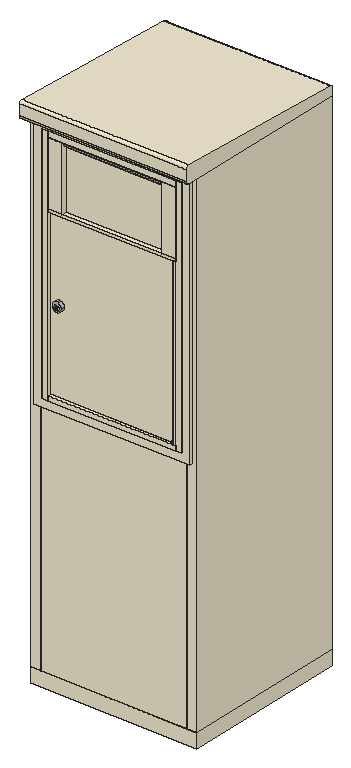
Revit family "Mailboxes_4C-Salsbury_Industries-Free_Standing-7_Door_High_Units", category Specialty Equipment, Revit 2016
Family settings
  Part Type = Normal
  Round Connector Dimension = Use Diameter
  OmniClass Number = 23.40.90.14.11
  OmniClass Title = Mail Boxes
  Work Plane-Based = No
  Always vertical = Yes
  Cut with Voids When Loaded = No
  Shared = No
  Room Calculation Point = No
Parameters (values of type "3907S-1B")
  Width = 17.496"
  Visible Door Number = yes
  Version = "1.0 (06/30/17)"
  URL = "www.mailboxes.com"
  Type Comments = "Free-Standing 4C Horizontal Mailboxes - Front Loading"
  OmniClass 23 Title = "Mail Boxes"
  OmniClass 23 Number = "23.40.90.14.11"
  Model = "3907S-1B"
  MasterFormat Title = "Postal Specialties"
  MasterFormat Number = "10 55 00"
  Manufacturer = "Salsbury Industries"
  Lock Material = Stainless Steel - Salsbury Finish -  Polished
  Height = 55.250"
  Front Panel Material [instance] = Paint - Salsbury Finish - Sandstone
  Front Panel Height = Height - [4C Unit Height] - 2.746"  # 25.504"
  Door Slot R7 Number [instance] = "0"
  Door Slot R6 Number [instance] = "0"
  Door Slot R5 Number [instance] = "0"
  Door Slot R4 Number [instance] = "0"
  Door Slot R3 Number [instance] = "0"
  Door Slot R2 Number [instance] = "0"
  Door Slot R1 Number [instance] = "0"
  Door Slot L7 Number [instance] = "0"
  Door Slot L6 Number [instance] = "0"
  Door Slot L5 Number [instance] = "0"
  Door Slot L4 Number [instance] = "0"
  Door Slot L3 Number [instance] = "0"
  Door Slot L2 Number [instance] = "0"
  Door Slot L1 Number [instance] = "0"
  Description = "7 Door High Unit:  1 Receptacle Bin"
  Depth = 19.000"
  Assembly Description = "Mailboxes"
  Assembly Code = "C1030910"
  4C Unit Height = 27.000"
  4C Unit Elevation = 26.500"
  4C Unit = Mailboxes_4C-Salsbury_Industries-Front_Load-7_Door_High_Units : 3707S-1B FL
Reference planes (in)
  plane 1 "Center (Front/Back)": y = 0
  plane 2 "Bottom of Unit": z = 0
  plane 3 "Center (Left/Right)": x = 0
  plane 4 "Left Side of Unit": x = 8.748
  plane 5 "Right Side of Unit": x = -8.748
  plane 6 "Front of Unit": y = -9.5
  plane 7 "Back of Unit": y = 9.5
  plane 8: z = 27.625
  plane 9 "Top of Unit": z = 55.25
  plane 10 "Bottom Trim Line of Enclosure": z = 1.5
  plane 11 "Top Trim Line of Enclosure": z = 53.5
  plane 12 "Left Trim Line of Enclosure": x = 7.6855
  plane 13 "Right Trim Line of Enclosure": x = -7.685
  plane 14 "Top Back Line of Unit": z = 54.5
  plane 15 "Front Panel Top Line": z = 27.004
  plane 16 "Alignment of 4C Unit": y = -8.125
  plane 17: x = -8.667
  plane 18: x = 8.667
  plane 19: y = 9.419
  plane 20: y = -8.044
  plane 21: x = -8.667
  plane 22: x = 8.667
  plane 23: y = -8.044
  plane 24: y = 9.419
  plane 25: x = -8.667
  plane 26: x = 8.667
  plane 27: y = 9.419
  plane 28: y = -8.044
  plane 29 "Bottom Trim Line of 4C Unit": z = 26.5
  plane 30 "4C Unit Side Alignment": x = -8.17183
  plane 31: z = 0.081
Forms (in)
  Extrusion 1, solid, material "Paint - Salsbury Finish - Sandstone" <- "Front Panel Material"
    sketch origin (0, 0, 1.5) x (0, 1, 0) y (-1, 0, 0)
      loop
        line (-8.125, 7.685) -> (-8.044, 7.685) -> (-8.044, 8.667) -> (9.419, 8.667) -> (9.419, -8.667) -> (-8.044, -8.667) -> (-8.044, -7.6855) -> (-8.125, -7.6855) -> (-8.125, -8.748) -> (9.5, -8.748) -> (9.5, 8.748) -> (-8.125, 8.748) -> (-8.125, 7.685)
    from 0 to 52
  Extrusion 2, solid, material "Paint - Salsbury Finish - Sandstone" <- "Front Panel Material"
    sketch origin (0, 0, 0) x (1, 0, 0) y (0, 1, 0)
      loop
        line (-8.748, 9.5) -> (-8.748, -8.125) -> (8.748, -8.125) -> (8.748, 9.5) -> (-8.748, 9.5)
      loop
        line (-8.667, 9.419) -> (-8.667, -8.044) -> (8.667, -8.044) -> (8.667, 9.419) -> (-8.667, 9.419)
    from 0 to 1.5
  Extrusion 3, solid, material "Paint - Salsbury Finish - Sandstone" <- "Front Panel Material"
    sketch origin (0, 0, 0) x (1, 0, 0) y (0, 1, 0)
      loop
        line (-8.667, 9.419) -> (-8.667, -8.044) -> (8.667, -8.044) -> (8.667, 9.419) -> (-8.667, 9.419)
    from 0 to 0.081
  Extrusion 4, solid, material "Paint - Salsbury Finish - Sandstone" <- "Front Panel Material"
    sketch origin (0, -8.125, 0) x (1, 0, 0) y (0, 0, 1)
      loop
        line (7.6855, 1.5) -> (7.6855, 27.004) -> (-7.685, 27.004) -> (-7.685, 1.5) -> (7.6855, 1.5)
    from 0 to -0.081
  Extrusion 5, solid, material "Paint - Salsbury Finish - Sandstone" <- "Front Panel Material"
    sketch origin (0, 0, 0) x (0, 1, 0) y (0, 0, 1)
      loop
        line (-9.18965, 53.5) -> (9.5, 53.5) -> (9.5, 54.39071)
        arc (9.5, 54.39071) -> (9.47754, 54.45873) -> (9.419, 54.5) r 0.11423
        line (9.419, 54.5) -> (-9.184, 55.25)
        arc (-9.184, 55.25) -> (-9.40731, 55.15886) -> (-9.5, 54.93619) r 0.31382
        line (-9.5, 54.93619) -> (-9.5, 53.81035)
        arc (-9.5, 53.81035) -> (-9.4091, 53.5909) -> (-9.18965, 53.5) r 0.31035
    from -8.748 to 8.748
Lines and regions (in)
  symbolic lines
    curve 1: line (-8.748, 9.5, 0) -> (8.748, 9.5, 0)
    curve 2: line (-8.748, -9.5, 0) -> (-8.748, 9.5, 0)
    curve 3: line (8.748, -9.5, 0) -> (-8.748, -9.5, 0)
    curve 4: line (8.748, 9.5, 0) -> (8.748, -9.5, 0)
    curve 5: line (-8.748, 0, 55.25) -> (8.748, 0, 55.25)
    curve 6: line (-8.748, 0, 0) -> (-8.748, 0, 55.25)
    curve 7: line (8.748, 0, 0) -> (-8.748, 0, 0)
    curve 8: line (8.748, 0, 55.25) -> (8.748, 0, 0)
    curve 9: line (-8.748, 0, 53.5) -> (8.748, 0, 53.5)
    curve 10: line (-8.748, 0, 1.5) -> (8.748, 0, 1.5)
    curve 11: line (-7.685, 0, 1.5) -> (-7.685, 0, 26.5)
    curve 12: line (7.6855, 0, 1.5) -> (7.6855, 0, 26.5)
    curve 13: line (-7.685, 0, 27.004) -> (7.6855, 0, 27.004)
    curve 14: line (0, -8.125, 53.50073) -> (0, 9.5, 53.50073)
    curve 15: line (0, -8.125, 0) -> (0, -8.125, 53.50073)
    curve 16: line (0, 9.5, 0) -> (0, -8.125, 0)
    curve 17: line (0, 9.5, 53.50073) -> (0, 9.5, 0)
    curve 18: line (0, -8.125, 1.5) -> (0, 9.5, 1.5)
    curve 19: line (0, 9.5, 54.39071) -> (0, 9.5, 53.50073)
    curve 20: line (0, 9.5, 53.50073) -> (0, -9.19074, 53.50073)
    curve 21: line (0, -9.5, 53.80999) -> (0, -9.5, 54.93531)
    curve 22: arc (0, -9.19074, 53.50073) -> (0, -9.40942, 53.59131) -> (0, -9.5, 53.80999) r 0.30926
    curve 23: arc (0, -9.5, 54.93531) -> (0, -9.40736, 55.15896) -> (0, -9.18371, 55.2516) r 0.31629
    curve 24: arc (0, 9.5, 54.39071) -> (0, 9.47754, 54.45873) -> (0, 9.419, 54.5) r 0.11423
    curve 25: line (0, 9.419, 54.5) -> (0, -9.18371, 55.2516)
Dimensions and locks (in)
  equal spacing: plane 6 "Front of Unit", plane 1 "Center (Front/Back)", plane 7 "Back of Unit"
  "Depth": plane 6 "Front of Unit" to plane 7 "Back of Unit"
  equal spacing: plane 5 "Right Side of Unit", plane 3 "Center (Left/Right)", plane 4 "Left Side of Unit"
  "Width": plane 5 "Right Side of Unit" to plane 4 "Left Side of Unit"
  equal spacing: plane 2 "Bottom of Unit", plane 8, plane 9 "Top of Unit"
  plane 2 "Bottom of Unit" to plane 9 "Top of Unit" = 55.250"
  locked: plane 2 "Bottom of Unit" to plane 10 "Bottom Trim Line of Enclosure" at 1.5
  "Front Panel Height": plane 10 "Bottom Trim Line of Enclosure" to plane 15 "Front Panel Top Line"
  locked: plane 5 "Right Side of Unit" to plane 13 "Right Trim Line of Enclosure" at 1.063
  locked: plane 12 "Left Trim Line of Enclosure" to plane 4 "Left Side of Unit" at 1.0625
  plane 11 "Top Trim Line of Enclosure" to plane 14 "Top Back Line of Unit" to plane 9 "Top of Unit" = 1.000", 0.750"
  plane 6 "Front of Unit" to plane 16 "Alignment of 4C Unit" = 1.375"
  plane 11 "Top Trim Line of Enclosure" to plane 9 "Top of Unit" = 1.750"
  plane 5 "Right Side of Unit" to plane 17 = 0.081"
  plane 19 to plane 7 "Back of Unit" = 0.081"
  plane 18 to plane 4 "Left Side of Unit" = 0.081"
  plane 16 "Alignment of 4C Unit" to plane 20 = 0.081"
  plane 24 to plane 7 "Back of Unit" = 0.081"
  plane 5 "Right Side of Unit" to plane 21 = 0.081"
  plane 22 to plane 4 "Left Side of Unit" = 0.081"
  plane 16 "Alignment of 4C Unit" to plane 23 = 0.081"
  plane 16 "Alignment of 4C Unit" to plane 28 = 0.081"
  plane 26 to plane 4 "Left Side of Unit" = 0.081"
  plane 5 "Right Side of Unit" to plane 25 = 0.081"
  plane 27 to plane 7 "Back of Unit" = 0.081"
  plane 30 "4C Unit Side Alignment" to plane 13 "Right Trim Line of Enclosure" = 0.48683"
  locked: plane 31 to plane 2 "Bottom of Unit" at 0.081
  "Height": plane 9 "Top of Unit" to plane 2 "Bottom of Unit"
  "4C Unit Height": plane 11 "Top Trim Line of Enclosure" to plane 29 "Bottom Trim Line of 4C Unit"
  plane 15 "Front Panel Top Line" to plane 29 "Bottom Trim Line of 4C Unit" = 0.504"
  aligned and locked: level to plane 2 "Bottom of Unit"
  aligned and locked: Extrusion 1 to plane 11 "Top Trim Line of Enclosure"
  aligned and locked: Extrusion 2 sketch curve to Extrusion 1  (x4)
  aligned and locked: Extrusion 2 to plane 10 "Bottom Trim Line of Enclosure"
  aligned and locked: Extrusion 3 sketch curve to Extrusion 1  (x3)
  aligned and locked: plane 15 "Front Panel Top Line" to Extrusion 4 sketch curve
  aligned and locked: plane 13 "Right Trim Line of Enclosure" to Extrusion 4 sketch curve
  aligned and locked: plane 12 "Left Trim Line of Enclosure" to Extrusion 4 sketch curve
  aligned and locked: Extrusion 5 to plane 4 "Left Side of Unit"
  aligned and locked: plane 5 "Right Side of Unit" to Extrusion 5
  aligned and locked: plane 13 "Right Trim Line of Enclosure" to Extrusion 1 sketch curve
  aligned and locked: Extrusion 1 sketch curve to plane 20
  aligned and locked: Extrusion 1 sketch curve to plane 16 "Alignment of 4C Unit"  (x2)
  aligned and locked: Extrusion 1 sketch curve to plane 5 "Right Side of Unit"
  aligned and locked: plane 17 to Extrusion 1 sketch curve
  aligned and locked: Extrusion 1 sketch curve to plane 19
  aligned and locked: plane 7 "Back of Unit" to Extrusion 1 sketch curve
  aligned and locked: plane 4 "Left Side of Unit" to Extrusion 1 sketch curve
  aligned and locked: Extrusion 1 sketch curve to plane 18
  aligned and locked: plane 20 to Extrusion 1 sketch curve
  aligned and locked: plane 12 "Left Trim Line of Enclosure" to Extrusion 1 sketch curve
  aligned and locked: plane 10 "Bottom Trim Line of Enclosure" to Extrusion 1
  aligned and locked: plane 6 "Front of Unit" to Extrusion 5 sketch curve  (x2)
  aligned and locked: plane 11 "Top Trim Line of Enclosure" to Extrusion 5 sketch curve
  aligned and locked: Extrusion 5 sketch curve to plane 7 "Back of Unit"
  aligned and locked: plane 7 "Back of Unit" to Extrusion 5 sketch curve
  aligned and locked: plane 14 "Top Back Line of Unit" to Extrusion 5 sketch curve
  aligned and locked: plane 9 "Top of Unit" to Extrusion 5 sketch curve
  aligned and locked: Extrusion 4 sketch curve to plane 10 "Bottom Trim Line of Enclosure"
  aligned and locked: plane 16 "Alignment of 4C Unit" to Extrusion 4
  aligned and locked: Extrusion 4 to plane 28
  aligned and locked: Extrusion 3 to plane 2 "Bottom of Unit"
  aligned and locked: plane 31 to Extrusion 3
  aligned and locked: Extrusion 2 to plane 2 "Bottom of Unit"
  aligned and locked: plane 22 to Extrusion 2 sketch curve
  aligned and locked: Extrusion 2 sketch curve to plane 21
  aligned and locked: plane 24 to Extrusion 2 sketch curve
  aligned and locked: curve 1 to Extrusion 1
  aligned and locked: curve 2 to Extrusion 1
  aligned and locked: curve 4 to Extrusion 1
  aligned and locked: curve 6 to Extrusion 5
  aligned and locked: curve 7 to Extrusion 2
  aligned and locked: plane 9 "Top of Unit" to curve 5
  aligned and locked: curve 9 to Extrusion 1
  aligned and locked: plane 5 "Right Side of Unit" to curve 9
  aligned and locked: plane 4 "Left Side of Unit" to curve 9
  aligned and locked: plane 4 "Left Side of Unit" to curve 10
  aligned and locked: Extrusion 1 to curve 11
  aligned and locked: plane 10 "Bottom Trim Line of Enclosure" to curve 11
  aligned and locked: curve 12 to Extrusion 1
  aligned and locked: plane 10 "Bottom Trim Line of Enclosure" to curve 12
  aligned and locked: curve 13 to Extrusion 4
  aligned and locked: plane 12 "Left Trim Line of Enclosure" to curve 13
  aligned and locked: plane 13 "Right Trim Line of Enclosure" to curve 13
  aligned and locked: plane 7 "Back of Unit" to curve 17
  aligned and locked: plane 2 "Bottom of Unit" to curve 16
  aligned and locked: plane 11 "Top Trim Line of Enclosure" to Extrusion 5
  aligned and locked: plane 16 "Alignment of 4C Unit" to Extrusion 1
  aligned and locked: Extrusion 1 to curve 18
  aligned and locked: plane 7 "Back of Unit" to curve 18
  aligned and locked: plane 16 "Alignment of 4C Unit" to curve 18
  aligned and locked: curve 19 to Extrusion 5
  aligned and locked: curve 20 to curve 14
  aligned and locked: curve 21 to Extrusion 5
  aligned and locked: plane 29 "Bottom Trim Line of 4C Unit" to curve 12
  aligned and locked: curve 3 to plane 6 "Front of Unit"
  aligned and locked: plane 30 "4C Unit Side Alignment" to nested 1
Automatic sketch dimensions
  Extrusion 5 sketch curve to plane 27 = 0.000"
  Extrusion 5 sketch curve to plane 6 "Front of Unit" = 0.31035"
  Extrusion 5 sketch curve to plane 6 "Front of Unit" = 0.31382"
  plane 27 to Extrusion 5 sketch curve = 0.03323"
  Extrusion 5 sketch curve to Extrusion 5 sketch curve = 0.00218"
  plane 23 to Extrusion 2 sketch curve = 0.000"
  plane 28 to Extrusion 3 sketch curve = 0.000"
  plane 14 "Top Back Line of Unit" to curve 25 = 0.000"
  curve 25 to plane 27 = 0.000"
  curve 22 to plane 6 "Front of Unit" = 0.30926"
  plane 27 to curve 24 = 0.03323"
  curve 15 to plane 11 "Top Trim Line of Enclosure" = 0.00073"
  plane 9 "Top of Unit" to curve 21 = 0.31469"
  curve 25 to plane 9 "Top of Unit" = 0.0016"
  curve 11 to plane 29 "Bottom Trim Line of 4C Unit" = 0.000"
Nested families (in)
  nested 1: "Mailboxes_4C-Salsbury_Industries-Front_Load-7_Door_High_Units" at (7.377, -8.125, -0.183) x (-1, 0, 0) z (0, 0, 1), type <- "4C Unit", built-in parameter 1001360 <- "4C Unit Elevation", Front Panel Material <- "Front Panel Material", Visible Door Number <- "Visible Door Number", Door Slot L1 Number <- "Door Slot L1 Number", Door Slot L2 Number <- "Door Slot L2 Number", Door Slot L3 Number <- "Door Slot L3 Number", Door Slot L4 Number <- "Door Slot L4 Number", Door Slot L5 Number <- "Door Slot L5 Number", Door Slot L6 Number <- "Door Slot L6 Number", Door Slot L7 Number <- "Door Slot L7 Number", Door Slot R1 Number <- "Door Slot R1 Number", Door Slot R2 Number <- "Door Slot R2 Number", Door Slot R3 Number <- "Door Slot R3 Number", Door Slot R4 Number <- "Door Slot R4 Number", Door Slot R5 Number <- "Door Slot R5 Number", Door Slot R6 Number <- "Door Slot R6 Number", Door Slot R7 Number <- "Door Slot R7 Number", type "3707S-1B FL"
    with Visible Door Number yes, Front Panel Material Paint - Salsbury Finish - Sandstone, Door Slot R7 Number "0", Door Slot R6 Number "0", Door Slot R5 Number "0", Door Slot R4 Number "0", Door Slot R3 Number "0", Door Slot R2 Number "0", Door Slot R1 Number "0", Door Slot L7 Number "0", Door Slot L6 Number "0", Door Slot L5 Number "0", Door Slot L4 Number "0", Door Slot L3 Number "0", Door Slot L2 Number "0", Door Slot L1 Number "0", built-in parameter 1001320 48.000"
Definition of nested family "Mailboxes_4C-Salsbury_Industries-Front_Load-7_Door_High_Units"
  Parameters (values of type "3707S-1B FL")
    Width = 16.344"
    URL = "www.mailboxes.com"
    OmniClass 23 Title = "Mail Boxes"
    OmniClass 23 Number = "23.40.90.14.11"
    Visible Door Number [instance] = yes
    Vertical Center Divider = no
    Version = "3.0 (06/30/17)"
    Type Comments = "4C Horizontal Receptacle Bin - Front Loading"
    Top Back Plate = no
    Right Inside Wall = no
    Model = "3707S-1B FL"
    MasterFormat Title = "Postal Specialties"
    MasterFormat Number = "10 55 00"
    Manufacturer = "Salsbury Industries"
    Mail Door Symbollic = no
    Lock Material = none
    Left Inside Wall = no
    Keynote = ""
    Height = 27.000"
    Front Panel Material [instance] = none
    Door Slot R7 Number [instance] = "0"
    Door Slot R7 = 4C-7 Door High Receptacle : 4C-7 Door High Receptacle
    Door Slot R6 Number [instance] = "0"
    Door Slot R6 = 3700 Series 4C Door Configurations : Empty
    Door Slot R5 Number [instance] = "0"
    Door Slot R5 = 3700 Series 4C Door Configurations : Empty
    Door Slot R4 Number [instance] = "0"
    Door Slot R4 = 3700 Series 4C Door Configurations : Empty
    Door Slot R3 Number [instance] = "0"
    Door Slot R3 = 3700 Series 4C Door Configurations : Empty
    Door Slot R2 Number [instance] = "0"
    Door Slot R2 = 3700 Series 4C Door Configurations : Empty
    Door Slot R1 Number [instance] = "0"
    Door Slot R1 = 3700 Series 4C Door Configurations : Empty
    Door Slot L7 Number [instance] = "0"
    Door Slot L7 = 3700 Series 4C Door Configurations : Empty
    Door Slot L6 Number [instance] = "0"
    Door Slot L6 = 3700 Series 4C Door Configurations : Empty
    Door Slot L5 Number [instance] = "0"
    Door Slot L5 = 3700 Series 4C Door Configurations : Empty
    Door Slot L4 Number [instance] = "0"
    Door Slot L4 = 3700 Series 4C Door Configurations : Empty
    Door Slot L3 Number [instance] = "0"
    Door Slot L3 = 3700 Series 4C Door Configurations : Empty
    Door Slot L2 Number [instance] = "0"
    Door Slot L2 = 3700 Series 4C Door Configurations : Empty
    Door Slot L1 Number [instance] = "0"
    Door Slot L1 = 3700 Series 4C Door Configurations : Empty
    Description = "7 Door High Unit"
    Depth = 17.025"
    Default Elevation [instance] = 48.000"
    Center Extrusion Offset = 48.000"
    Bottom Back Plate = no
    Back Enclosure Material = none
    Assembly Description = "Mailboxes"
    Assembly Code = "C1030910"
  Types (7): name | Width | Vertical Center Divider | Type Comments | Top Back Plate | Right Inside Wall | Model | Mail Door Symbollic | Left Inside Wall | Door Slot R7 Number | Door Slot R7 | Door Slot R6 Number | Door Slot R6 | Door Slot R5 Number | Door Slot R5 | Door Slot R4 | Door Slot R2 Number | Door Slot R2 | Door Slot R1 Number | Door Slot R1 | Door Slot L7 Number | Door Slot L7 | Door Slot L6 Number | Door Slot L6 | Door Slot L5 Number | Door Slot L5 | Door Slot L4 Number | Door Slot L4 | Door Slot L3 Number | Door Slot L3 | Door Slot L2 Number | Door Slot L2 | Door Slot L1 Number | Door Slot L1 | Description | Center Extrusion Offset | Bottom Back Plate
    3707S-1B FL | 16.344" | no | "4C Horizontal Receptacle Bin - Front Loading" | no | no | "3707S-1B FL" | no | no | "0" | 4C-7 Door High Receptacle : 4C-7 Door High Receptacle | "0" | 3700 Series 4C Door Configurations : Empty | "0" | 3700 Series 4C Door Configurations : Empty | 3700 Series 4C Door Configurations : Empty | "0" | 3700 Series 4C Door Configurations : Empty | "0" | 3700 Series 4C Door Configurations : Empty | "0" | 3700 Series 4C Door Configurations : Empty | "0" | 3700 Series 4C Door Configurations : Empty | "0" | 3700 Series 4C Door Configurations : Empty | "0" | 3700 Series 4C Door Configurations : Empty | "0" | 3700 Series 4C Door Configurations : Empty | "0" | 3700 Series 4C Door Configurations : Empty | "0" | 3700 Series 4C Door Configurations : Empty | "7 Door High Unit" | 48.000" | no
    3707D-12 FL | 31.09766" | yes | "4C Standard Horizontal Mailbox - Front Loading" | yes | yes | "3707D-12 FL" | yes | yes | "12" | 3700 Series 4C Door Configurations : MB1 Door w/ Divider | "11" | 3700 Series 4C Door Configurations : MB1 Door w/ Divider | "10" | 3700 Series 4C Door Configurations : MB1 Door w/ Divider | 3700 Series 4C OM2 Configuration : OM2-FL | "9" | 3700 Series 4C Door Configurations : MB1 Door w/ Divider | "8" | 3700 Series 4C Door Configurations : MB1 Door | "7" | 3700 Series 4C Door Configurations : MB1 Door w/ Divider | "6" | 3700 Series 4C Door Configurations : MB1 Door w/ Divider | "5" | 3700 Series 4C Door Configurations : MB1 Door w/ Divider | "4" | 3700 Series 4C Door Configurations : MB1 Door w/ Divider | "3" | 3700 Series 4C Door Configurations : MB1 Door w/ Divider | "2" | 3700 Series 4C Door Configurations : MB1 Door w/ Divider | "1" | 3700 Series 4C Door Configurations : MB1 Door | "7 Door High Unit:  12 MB1, OM2" | 0.000" | yes
    3707S-05 FL | 16.344" | no | "4C Standard Horizontal Mailbox - Front Loading" | yes | yes | "3707S-05 FL" | yes | yes | "5" | 3700 Series 4C Door Configurations : MB1 Door w/ Divider | "4" | 3700 Series 4C Door Configurations : MB1 Door w/ Divider | "3" | 3700 Series 4C Door Configurations : MB1 Door w/ Divider | 3700 Series 4C OM2 Configuration : OM2-FL | "2" | 3700 Series 4C Door Configurations : MB1 Door w/ Divider | "1" | 3700 Series 4C Door Configurations : MB1 Door | "0" | 3700 Series 4C Door Configurations : Empty | "0" | 3700 Series 4C Door Configurations : Empty | "0" | 3700 Series 4C Door Configurations : Empty | "0" | 3700 Series 4C Door Configurations : Empty | "0" | 3700 Series 4C Door Configurations : Empty | "0" | 3700 Series 4C Door Configurations : Empty | "0" | 3700 Series 4C Door Configurations : Empty | "7 Door High Unit:  5 MB1, OM2" | 0.000" | yes
    3707D-06 FL | 31.09766" | yes | "4C Standard Horizontal Mailbox - Front Loading" | yes | yes | "3707D-06 FL" | yes | yes | "6" | 3700 Series 4C Door Configurations : MB1 Door w/ Divider | "5" | 3700 Series 4C Door Configurations : MB1 Door w/ Divider | "4" | 3700 Series 4C Door Configurations : MB1 Door w/ Divider | 3700 Series 4C OM2 Configuration : OM2-FL | "3" | 3700 Series 4C Door Configurations : MB1 Door w/ Divider | "2" | 3700 Series 4C Door Configurations : MB1 Door | "1P" | 3700 Series 4C Parcel Configurations : PL6 w/ Divider | "0" | 3700 Series 4C Door Configurations : Empty | "0" | 3700 Series 4C Door Configurations : Empty | "0" | 3700 Series 4C Door Configurations : Empty | "0" | 3700 Series 4C Door Configurations : Empty | "0" | 3700 Series 4C Door Configurations : Empty | "1" | 3700 Series 4C Door Configurations : MB1 Door | "7 Door High Unit:  6 MB1, 1 PL6, OM2" | 0.000" | yes
    3707D-05 FL | 31.09766" | yes | "4C Standard Horizontal Mailbox - Front Loading" | yes | yes | "3707D-05 FL" | yes | yes | "5" | 3700 Series 4C Door Configurations : MB3 Door w/ Divider | "0" | 3700 Series 4C Door Configurations : Empty | "0" | 3700 Series 4C Door Configurations : Empty | 3700 Series 4C OM2 Configuration : OM2-FL | "4" | 3700 Series 4C Door Configurations : MB2 Door | "0" | 3700 Series 4C Door Configurations : Empty | "3" | 3700 Series 4C Door Configurations : MB3 Door w/ Divider | "0" | 3700 Series 4C Door Configurations : Empty | "0" | 3700 Series 4C Door Configurations : Empty | "2" | 3700 Series 4C Door Configurations : MB2 Door w/ Divider | "0" | 3700 Series 4C Door Configurations : Empty | "1" | 3700 Series 4C Door Configurations : MB2 Door | "0" | 3700 Series 4C Door Configurations : Empty | "7 Door High Unit:  3 MB2, 2 MB3, OM2" | 0.000" | yes
    3707D-03 FL | 31.09766" | yes | "4C Standard Horizontal Mailbox - Front Loading" | yes | yes | "3707D-03 FL" | yes | yes | "3" | 3700 Series 4C Door Configurations : MB3 Door w/ Divider | "0" | 3700 Series 4C Door Configurations : Empty | "0" | 3700 Series 4C Door Configurations : Empty | 3700 Series 4C OM2 Configuration : OM2-FL | "2" | 3700 Series 4C Door Configurations : MB2 Door | "0" | 3700 Series 4C Door Configurations : Empty | "1P" | 3700 Series 4C Parcel Configurations : PL5 w/ Divider | "0" | 3700 Series 4C Door Configurations : Empty | "0" | 3700 Series 4C Door Configurations : Empty | "0" | 3700 Series 4C Door Configurations : Empty | "0" | 3700 Series 4C Door Configurations : Empty | "1" | 3700 Series 4C Door Configurations : MB2 Door | "0" | 3700 Series 4C Door Configurations : Empty | "7 Door High Unit:  2 MB2, 1 MB3, 1 PL5, OM2" | 0.000" | yes
    3707S-1P FL | 16.344" | no | "4C Standard Horizontal Mailbox - Front Loading" | yes | yes | "3707S-1P FL" | yes | yes | "1P" | 3700 Series 4C Parcel Configurations : PL5 w/ Divider | "0" | 3700 Series 4C Door Configurations : Empty | "0" | 3700 Series 4C Door Configurations : Empty | 3700 Series 4C Door Configurations : Empty | "0" | 3700 Series 4C OM2 Configuration : OM2-FL | "1" | 3700 Series 4C Door Configurations : Empty | "0" | 3700 Series 4C Door Configurations : Empty | "0" | 3700 Series 4C Door Configurations : Empty | "0" | 3700 Series 4C Door Configurations : Empty | "0" | 3700 Series 4C Door Configurations : Empty | "0" | 3700 Series 4C Door Configurations : Empty | "0" | 3700 Series 4C Door Configurations : Empty | "0" | 3700 Series 4C Door Configurations : Empty | "7 Door High Unit:  1 PL5, OM2" | 0.000" | yes
  Reference planes (in)
    plane 1 "Wall Centerline": y = -3
    plane 2 "Center (Left/Right)": x = 0
    plane 3 "Front": y = 0
    plane 4 "15" AFF": z = 28
    plane 5 "28" AFF": z = 28
    plane 6 "36" AFF": z = 36
    plane 7 "48" AFF": z = 48
    plane 8 "Bottom of Unit": z = 26.683
    plane 9 "Top of Unit": z = 53.683
    plane 10 "Left Side of Unit": x = 15.54883
    plane 11 "Right Side of Unit": x = -0.79517
    plane 12 "28" AFF_Bottom of Unit": z = 26.683
    plane 13 "Top Horiz Trim Align": z = 52.85225
    plane 14 "Bottom Horiz Trim Align": z = 27.515
    plane 15 "Left Trim Align": x = 14.716
    plane 16 "Right Trim Align": x = 0.03766
    plane 17 "Left Door Align": x = 14.06641
    plane 18 "Right Door Align": x = 0.68725
    plane 19 "Top Horiz Door Align": z = 52.26125
    plane 20 "Bottom Horiz Door Align": z = 28
    plane 21 "Front Face of Unit": y = 0.265
    plane 22 "Top Housing Align": z = 53.179
    plane 23 "Top Collar Align": z = 53.031
    plane 24 "Top Box Align": z = 52.676
    plane 25 "Vertical Housing Align": y = -1.205
    plane 26 "Vertical Collar Align": y = -2.205
    plane 27 "Back of Unit": y = -16.76
    plane 28 "Bottom Housing Align": z = 27.187
    plane 29 "Bottom Collar Align": z = 27.335
    plane 30 "Bottom Box Align": z = 27.75
    plane 31 "Door Alignment": y = -0.33191
    plane 32 "Right Housing Align": x = -0.08817
    plane 33 "Right Collar Align": x = 1.34483
    plane 34 "Right Box Side Align": x = 1.67283
    plane 35 "Left Housing Align": x = 14.84183
    plane 36 "Left Collar Align": x = 13.40883
    plane 37 "Left Side Box Align": x = 13.08083
    plane 38 "Top Back Plate Align": z = 51.897
    plane 39 "Bottom Back Plate Align": z = 28.499
    plane 40 "Back": y = -6
    plane 41 "RO Left Side": x = 15.17383
    plane 42 "RO Right Side": x = -0.42017
    plane 43 "RO Bottom": z = 27.058
    plane 44 "RO Top": z = 53.308
    plane 45 "Horiz Centerline": z = 42.04237
    plane 46: z = 27.885
    plane 47: x = 12.99983
    plane 48: x = 12.92758
    plane 49 "Center Extrusion": x = 48
    plane 50 "Center Extrusion Offset": x = 0
    plane 51 "Row 7 Top Align": z = 31.5
    plane 52 "Row 6 Top Align": z = 35
    plane 53 "Row 5 Top Align": z = 38.5
    plane 54 "Row 4 Top Align": z = 42
    plane 55 "Row 3 Top Align": z = 45.5
    plane 56 "Row 2 Top Align": z = 49
    plane 57 "Row 16 Top Align-Private": z = 31.5
    plane 58 "Row 15 Top Align-Private": z = 35
    plane 59 "Row 14 Top Align-Private": z = 38.5
    plane 60 "Row 13 Top Align-Private": z = 42
    plane 61 "Row 12 Top Align-Private": z = 45.5
    plane 62 "Row 11 Top Align-Private": z = 49
    plane 63 "Row 10 Top Align-Private": z = 52.25
    plane 64 "Row 9 Top Align-Private": z = 55.75
    plane 65 "Row 8 Top Align-Private": z = 59.25
    plane 66 "Top of Face Gap": z = 61.25
    plane 67 "Top Latch Align": z = 44.376
    plane 68 "Bottom Latch Align": z = 36.05
    plane 69 "Right Latch Align": x = -0.69183
    plane 70 "Left Latch Align": x = 0.69098
    plane 71 "Latch Alignment Edge": x = -0.79517
    plane 72: x = -12.92783
    plane 73: x = -12.99983
    plane 74: y = -16.84203
    plane 75: x = -2
    plane 76: x = -0.7705
    plane 77: x = 0.7705
    plane 78: x = 2
    plane 79: y = -16.67797
    plane 80: x = 47.30902
    plane 81: x = 48.69183
    plane 82: z = 50.397
    plane 83: z = 29.999
    plane 84: z = 52.31729
    plane 85: z = 28.41625
    plane 86: z = 27.446
    plane 87: z = 28.055
    plane 88: y = -6
    plane 89: x = 14.06267
  Forms (in)
    Extrusion 1, solid, material <- "Front Panel Material"
      sketch origin (0, 0, 0) x (1, 0, 0) y (0, 0, 1)
        loop
          line (15.54883, 53.683) -> (-0.79517, 53.683) -> (-0.79517, 26.683) -> (15.54883, 26.683) -> (15.54883, 53.683)
      from -0.265 to 0
    Extrusion 2, void
      sketch origin (0, 0.265, 0.00774) x (0, 0, -1) y (-1, 0, 0)
        loop
          line (-52.84451, -14.716) -> (-27.50726, -14.716) -> (-27.50726, -0.03766) -> (-52.84451, -0.03766) -> (-52.84451, -14.716)
      from -0.265 to 0
    Extrusion 3, solid, material <- "Front Panel Material"
      sketch origin (14.98214, 0.265, -1.67978) x (0, 0, -1) y (-1, 0, 0)
        loop
          line (-54.53203, 14.94448) -> (-54.53203, 14.29489) -> (-29.19478, 14.29489) -> (-29.19478, 14.94448) -> (-54.53203, 14.94448)
      from 0 to -0.265
    Extrusion 4, solid, material <- "Front Panel Material"
      sketch origin (0, 0.265, 0) x (0, 0, -1) y (-1, 0, 0)
        loop
          line (-27.515, -14.06641) -> (-27.515, -0.68725) -> (-28, -0.68725) -> (-28, -14.06641) -> (-27.515, -14.06641)
      from -0.265 to 0
    Extrusion 5, solid, material <- "Front Panel Material"
      sketch origin (0, 0.265, 0) x (0, 0, -1) y (-1, 0, 0)
        loop
          line (-52.85225, -14.716) -> (-27.515, -14.716) -> (-27.515, -14.06641) -> (-52.85225, -14.06641) -> (-52.85225, -14.716)
      from 0 to -0.265
    Extrusion 6, solid, material <- "Front Panel Material"
      sketch origin (0, 0.265, 0) x (0, 0, -1) y (-1, 0, 0)
        loop
          line (-52.85225, -14.06641) -> (-52.26125, -14.06641) -> (-52.26125, -0.68725) -> (-52.85225, -0.68725) -> (-52.85225, -14.06641)
      from -0.265 to 0
    Extrusion 7, solid, material <- "Front Panel Material", visible <- "Vertical Center Divider"
      sketch origin (-0.77934, 0.265, 0) x (0, 0, 1) y (1, 0, 0)
        loop
          line (52.85225, 1.47033) -> (27.515, 1.47033) -> (27.515, 0.08752) -> (52.85225, 0.08752) -> (52.85225, 1.47033)
      from 0 to -1.47
    Extrusion 8, solid
      sketch origin (0, -6, 60) x (0, 0, 1) y (1, 0, 0)
        loop
          line (-60, -60) -> (60, -60) -> (60, 60) -> (-60, 60) -> (-60, -60)
      from 0 to 6
  Cuts and joins
    Extrusion 2 cuts Extrusion 1
  Lines and regions (in)
    model lines
      curve 1: line (15.54883, 0.265, 53.683) -> (14.716, 0.265, 52.85225)
      curve 2: line (-0.79517, 0.265, 53.683) -> (0.03766, 0.265, 52.85225)
      curve 3: line (-0.79517, 0.265, 26.683) -> (0.03766, 0.265, 27.515)
      curve 4: line (15.54883, 0.265, 26.683) -> (14.716, 0.265, 27.515)
    reference lines
      curve 5: line (0.68725, -0.33191, 26.683) -> (0.68725, -0.33191, 53.683)
      curve 6: line (14.06641, -0.33191, 26.683) -> (14.06641, -0.33191, 53.683)
    symbolic lines
      curve 7: line (-0.79517, 0.265, 28) -> (15.54883, 0.265, 28)
      curve 8: line (-0.79517, 0, 28) -> (-0.79517, 0.265, 28)
      curve 9: line (15.54883, 0, 28) -> (-0.79517, 0, 28)
      curve 10: line (15.54883, 0.265, 28) -> (15.54883, 0, 28)
    symbolic lines, visible <- "Mail Door Symbollic"
      curve 11: line (0.68725, 0.265, 28) -> (0.68725, 1.43, 28)
      curve 12: line (0.68725, 1.43, 28) -> (14.06267, 1.43, 28)
      curve 13: line (14.06267, 1.43, 28) -> (14.06267, 0.265, 28)
  Text (in)
    text "Placement Side" at (0, 40.15149, 123.01588), in view "Right"
    text "Placement Side" at (-58.6842, 42.74981, 0), in view "Ref. Level"
    text "Placement Side" at (0, 47.49176, 140.59947), in view "Left"
  Dimensions and locks (in)
    locked: plane 3 "Front" to Extrusion 8
    level to plane 4 "15" AFF" = 28.000"
    locked: level to plane 5 "28" AFF" at 28
    locked: level to plane 6 "36" AFF" at 36
    locked: level to plane 7 "48" AFF" at 48
    plane 8 "Bottom of Unit" to plane 4 "15" AFF" = 1.317"
    "Height": plane 8 "Bottom of Unit" to plane 9 "Top of Unit"
    plane 12 "28" AFF_Bottom of Unit" to plane 5 "28" AFF" = 1.317"
    locked: plane 15 "Left Trim Align" to plane 10 "Left Side of Unit" at 0.83283
    locked: plane 16 "Right Trim Align" to plane 11 "Right Side of Unit" at 0.83283
    locked: plane 13 "Top Horiz Trim Align" to plane 9 "Top of Unit" at 0.83075
    locked: plane 8 "Bottom of Unit" to plane 14 "Bottom Horiz Trim Align" at 0.832
    plane 17 "Left Door Align" to plane 15 "Left Trim Align" = 0.64959"
    locked: plane 18 "Right Door Align" to plane 16 "Right Trim Align" at 0.64959
    locked: plane 19 "Top Horiz Door Align" to plane 13 "Top Horiz Trim Align" at 0.591
    locked: plane 14 "Bottom Horiz Trim Align" to plane 20 "Bottom Horiz Door Align" at 0.485
    plane 20 "Bottom Horiz Door Align" to level = 28.000"
    plane 5 "28" AFF" to level = 28.000"
    plane 6 "36" AFF" to level = 36.000"
    plane 7 "48" AFF" to level = 48.000"
    plane 9 "Top of Unit" to plane 8 "Bottom of Unit" = 27.000"
    plane 21 "Front Face of Unit" to Extrusion 8 = 0.265"
    locked: Extrusion 8 to plane 25 "Vertical Housing Align" at 1.205
    locked: plane 25 "Vertical Housing Align" to plane 26 "Vertical Collar Align" at 1
    plane 25 "Vertical Housing Align" to plane 27 "Back of Unit" = 15.555"
    "Depth": plane 21 "Front Face of Unit" to plane 27 "Back of Unit"
    locked: plane 9 "Top of Unit" to plane 22 "Top Housing Align" at 0.504
    locked: plane 22 "Top Housing Align" to plane 23 "Top Collar Align" at 0.148
    locked: plane 23 "Top Collar Align" to plane 24 "Top Box Align" at 0.355
    locked: plane 28 "Bottom Housing Align" to plane 8 "Bottom of Unit" at 0.504
    locked: plane 29 "Bottom Collar Align" to plane 28 "Bottom Housing Align" at 0.148
    locked: plane 30 "Bottom Box Align" to plane 29 "Bottom Collar Align" at 0.415
    plane 24 "Top Box Align" to plane 30 "Bottom Box Align" = 24.926"  (x2)
    locked: plane 21 "Front Face of Unit" to plane 31 "Door Alignment" at 0.59691
    plane 11 "Right Side of Unit" to plane 32 "Right Housing Align" to plane 33 "Right Collar Align" to plane 34 "Right Box Side Align" = 0.707" locked, 1.433" locked, 0.328" locked
    plane 37 "Left Side Box Align" to plane 36 "Left Collar Align" to plane 35 "Left Housing Align" to plane 10 "Left Side of Unit" = 0.328" locked, 1.433" locked, 0.707" locked
    plane 11 "Right Side of Unit" to plane 32 "Right Housing Align" to plane 33 "Right Collar Align" to plane 34 "Right Box Side Align" = 0.707", 1.433", 0.328"
    plane 37 "Left Side Box Align" to plane 36 "Left Collar Align" to plane 35 "Left Housing Align" to plane 10 "Left Side of Unit" = 0.328", 1.433", 0.707"
    plane 9 "Top of Unit" to plane 24 "Top Box Align" = 1.007"
    plane 30 "Bottom Box Align" to plane 8 "Bottom of Unit" = 1.067"
    locked: plane 24 "Top Box Align" to plane 38 "Top Back Plate Align" at 0.779
    locked: plane 39 "Bottom Back Plate Align" to plane 30 "Bottom Box Align" at 0.749
    locked: plane 41 "RO Left Side" to plane 10 "Left Side of Unit" at 0.375
    locked: plane 42 "RO Right Side" to plane 11 "Right Side of Unit" at 0.375
    locked: plane 8 "Bottom of Unit" to plane 43 "RO Bottom" at 0.375
    locked: plane 44 "RO Top" to plane 9 "Top of Unit" at 0.375
    plane 46 to plane 30 "Bottom Box Align" = 0.135"
    plane 47 to plane 37 "Left Side Box Align" = 0.081"
    plane 48 to plane 47 = 0.07225"
    plane 18 "Right Door Align" to plane 17 "Left Door Align" = 13.37916"
    "Center Extrusion Offset": plane 49 "Center Extrusion" to plane 50 "Center Extrusion Offset"
    plane 20 "Bottom Horiz Door Align" to plane 51 "Row 7 Top Align" to plane 52 "Row 6 Top Align" to plane 53 "Row 5 Top Align" to plane 54 "Row 4 Top Align" to plane 55 "Row 3 Top Align" to plane 56 "Row 2 Top Align" = 3.500", 3.500" locked, 3.500" locked, 3.500" locked, 3.500" locked, 3.500" locked
    plane 4 "15" AFF" to plane 57 "Row 16 Top Align-Private" = 3.500"
    plane 57 "Row 16 Top Align-Private" to plane 58 "Row 15 Top Align-Private" to plane 59 "Row 14 Top Align-Private" to plane 60 "Row 13 Top Align-Private" to plane 61 "Row 12 Top Align-Private" to plane 62 "Row 11 Top Align-Private" to plane 63 "Row 10 Top Align-Private" to plane 64 "Row 9 Top Align-Private" to plane 65 "Row 8 Top Align-Private" = 3.500" locked, 3.500" locked, 3.500" locked, 3.500" locked, 3.500" locked, 3.250" locked, 3.500" locked, 3.500" locked
    locked: plane 65 "Row 8 Top Align-Private" to plane 66 "Top of Face Gap" at 2
    level to plane 8 "Bottom of Unit" = 26.683"
    locked: plane 69 "Right Latch Align" to plane 70 "Left Latch Align" at 1.38281
    plane 24 "Top Box Align" to plane 67 "Top Latch Align" = 8.300"
    plane 68 "Bottom Latch Align" to plane 30 "Bottom Box Align" = 8.300"
    plane 71 "Latch Alignment Edge" to plane 69 "Right Latch Align" = 0.10334"
    plane 73 to plane 72 to plane 34 "Right Box Side Align" = 0.072", 14.60066"
    plane 74 to plane 27 "Back of Unit" = 0.08203"
    plane 27 "Back of Unit" to plane 79 = 0.08203"
    plane 75 to plane 76 to plane 69 "Right Latch Align" to plane 50 "Center Extrusion Offset" = 1.2295", 0.07867", 0.69183"
    plane 50 "Center Extrusion Offset" to plane 70 "Left Latch Align" to plane 77 to plane 78 = 0.69098", 0.07952", 1.2295"
    plane 80 to plane 49 "Center Extrusion" to plane 81 = 0.69098" locked, 0.69183" locked
    plane 11 "Right Side of Unit" to Extrusion 1 = 16.344"
    plane 38 "Top Back Plate Align" to plane 82 = 1.500"
    plane 83 to plane 39 "Bottom Back Plate Align" = 1.500"
    locked: plane 84 to plane 24 "Top Box Align" at 0.35871
    plane 14 "Bottom Horiz Trim Align" to plane 85 = 0.90125"
    plane 86 to plane 30 "Bottom Box Align" to plane 87 = 0.304" locked, 0.305" locked
    plane 11 "Right Side of Unit" to plane 2 "Center (Left/Right)" to plane 10 "Left Side of Unit" = 0.79517", 15.54883"
    "Width": plane 11 "Right Side of Unit" to plane 10 "Left Side of Unit"
    locked: plane 18 "Right Door Align" to plane 89 at 13.37542
    aligned and locked: plane 8 "Bottom of Unit" to Extrusion 1 sketch curve
    aligned and locked: plane 10 "Left Side of Unit" to Extrusion 1 sketch curve
    aligned and locked: Extrusion 1 sketch curve to plane 11 "Right Side of Unit"
    aligned and locked: Extrusion 1 sketch curve to plane 9 "Top of Unit"
    aligned and locked: plane 21 "Front Face of Unit" to Extrusion 1
    aligned and locked: Extrusion 3 to plane 16 "Right Trim Align"
    aligned and locked: plane 18 "Right Door Align" to Extrusion 3
    aligned and locked: plane 13 "Top Horiz Trim Align" to Extrusion 3
    aligned and locked: Extrusion 4 to plane 14 "Bottom Horiz Trim Align"
    aligned and locked: Extrusion 4 to plane 17 "Left Door Align"
    aligned and locked: plane 20 "Bottom Horiz Door Align" to Extrusion 4
    aligned and locked: Extrusion 4 to plane 18 "Right Door Align"
    aligned and locked: plane 25 "Vertical Housing Align" to Extrusion 7
    aligned and locked: plane 21 "Front Face of Unit" to Extrusion 7
    aligned and locked: nested 1 to plane 56 "Row 2 Top Align"
    aligned and locked: nested 8 to plane 17 "Left Door Align"
    aligned and locked: nested 8 to plane 56 "Row 2 Top Align"
    aligned and locked: plane 31 "Door Alignment" to nested 8  (x2)
    aligned and locked: nested 9 to plane 17 "Left Door Align"
    aligned and locked: nested 9 to plane 55 "Row 3 Top Align"
    aligned and locked: plane 31 "Door Alignment" to nested 9  (x2)
    aligned and locked: nested 7 to curve 5
    aligned and locked: nested 6 to curve 5
    aligned and locked: nested 5 to curve 5
    aligned and locked: nested 3 to curve 5
    aligned and locked: nested 14 to curve 6
    aligned and locked: nested 13 to curve 6
    aligned and locked: nested 12 to curve 6
    aligned and locked: nested 11 to curve 6
    aligned and locked: nested 10 to curve 6
    aligned and locked: nested 9 to curve 6
    aligned and locked: nested 8 to curve 6
    aligned and locked: plane 31 "Door Alignment" to nested 6
    aligned and locked: plane 31 "Door Alignment" to nested 13
    aligned and locked: plane 31 "Door Alignment" to nested 5
    aligned and locked: plane 31 "Door Alignment" to nested 3
    aligned and locked: plane 31 "Door Alignment" to nested 10
    aligned and locked: plane 31 "Door Alignment" to nested 12
    aligned and locked: plane 31 "Door Alignment" to nested 2
    aligned and locked: plane 31 "Door Alignment" to nested 4
    aligned and locked: nested 1 to curve 5
    aligned and locked: nested 2 to curve 5
    aligned and locked: nested 4 to curve 5
    aligned and locked: plane 31 "Door Alignment" to nested 1
    aligned and locked: plane 31 "Door Alignment" to nested 7
    aligned and locked: plane 11 "Right Side of Unit" to plane 71 "Latch Alignment Edge"
    aligned and locked: nested 1 to curve 11
    aligned and locked: plane 21 "Front Face of Unit" to cut or joined group of Extrusion 1, Extrusion 2
    aligned and locked: plane 3 "Front" to cut or joined group of Extrusion 1, Extrusion 2
    aligned and locked: plane 13 "Top Horiz Trim Align" to Extrusion 7
    aligned and locked: Extrusion 7 to plane 14 "Bottom Horiz Trim Align"
    aligned and locked: plane 69 "Right Latch Align" to Extrusion 7
    aligned and locked: Extrusion 7 to plane 70 "Left Latch Align"
    aligned and locked: plane 9 "Top of Unit" to curve 5
    aligned and locked: plane 8 "Bottom of Unit" to curve 5
    aligned and locked: plane 8 "Bottom of Unit" to curve 6
    aligned and locked: curve 6 to plane 17 "Left Door Align"
    aligned and locked: plane 10 "Left Side of Unit" to curve 1
    aligned and locked: plane 9 "Top of Unit" to curve 1
    aligned and locked: plane 15 "Left Trim Align" to curve 1
    aligned and locked: plane 13 "Top Horiz Trim Align" to curve 1
    aligned and locked: plane 11 "Right Side of Unit" to curve 2
    aligned and locked: plane 9 "Top of Unit" to curve 2
    aligned and locked: plane 16 "Right Trim Align" to curve 2
    aligned and locked: plane 13 "Top Horiz Trim Align" to curve 2
    aligned and locked: plane 10 "Left Side of Unit" to curve 4
    aligned and locked: plane 8 "Bottom of Unit" to curve 4
    aligned and locked: plane 15 "Left Trim Align" to curve 4
    aligned and locked: plane 14 "Bottom Horiz Trim Align" to curve 4
    aligned and locked: plane 8 "Bottom of Unit" to curve 3
    aligned and locked: plane 11 "Right Side of Unit" to curve 3
    aligned and locked: plane 16 "Right Trim Align" to curve 3
    aligned and locked: plane 14 "Bottom Horiz Trim Align" to curve 3
    aligned and locked: plane 51 "Row 7 Top Align" to nested 13
    aligned and locked: plane 51 "Row 7 Top Align" to nested 6
    aligned and locked: plane 52 "Row 6 Top Align" to nested 5
    aligned and locked: plane 54 "Row 4 Top Align" to nested 3
    aligned and locked: plane 54 "Row 4 Top Align" to nested 10
    aligned and locked: plane 53 "Row 5 Top Align" to nested 4
    aligned and locked: plane 52 "Row 6 Top Align" to nested 12
    aligned and locked: plane 53 "Row 5 Top Align" to nested 11
    aligned and locked: plane 31 "Door Alignment" to nested 11
    aligned and locked: plane 20 "Bottom Horiz Door Align" to nested 7
    aligned and locked: plane 20 "Bottom Horiz Door Align" to nested 14
    aligned and locked: plane 31 "Door Alignment" to nested 14
    aligned and locked: plane 55 "Row 3 Top Align" to nested 2
    aligned and locked: plane 89 to curve 13
  Automatic sketch dimensions
    Extrusion 2 sketch curve to plane 13 "Top Horiz Trim Align" = 0.000"
    Extrusion 2 sketch curve to plane 14 "Bottom Horiz Trim Align" = 0.000"
    plane 15 "Left Trim Align" to Extrusion 2 sketch curve = 0.000"
    Extrusion 2 sketch curve to plane 16 "Right Trim Align" = 0.000"
    Extrusion 3 sketch curve to plane 13 "Top Horiz Trim Align" = 0.000"
    plane 14 "Bottom Horiz Trim Align" to Extrusion 3 sketch curve = 0.000"
    plane 16 "Right Trim Align" to Extrusion 3 sketch curve = 0.000"
    Extrusion 3 sketch curve to plane 18 "Right Door Align" = 0.000"
    plane 13 "Top Horiz Trim Align" to Extrusion 5 sketch curve = 0.000"
    Extrusion 5 sketch curve to plane 14 "Bottom Horiz Trim Align" = 0.000"
    Extrusion 5 sketch curve to plane 15 "Left Trim Align" = 0.000"
    plane 17 "Left Door Align" to Extrusion 5 sketch curve = 0.000"
    plane 13 "Top Horiz Trim Align" to Extrusion 6 sketch curve = 0.000"
    Extrusion 6 sketch curve to plane 17 "Left Door Align" = 0.000"
    Extrusion 6 sketch curve to plane 18 "Right Door Align" = 0.000"
    Extrusion 6 sketch curve to plane 19 "Top Horiz Door Align" = 0.000"
    plane 4 "15" AFF" to Extrusion 4 sketch curve = 0.000"
    Extrusion 4 sketch curve to plane 14 "Bottom Horiz Trim Align" = 0.000"
    Extrusion 4 sketch curve to plane 17 "Left Door Align" = 0.000"
    Extrusion 4 sketch curve to plane 18 "Right Door Align" = 0.000"
    plane 21 "Front Face of Unit" to curve 12 = 1.165"
    curve 9 to Extrusion 8 = 0.000"
    curve 9 to plane 11 "Right Side of Unit" = 0.000"
    curve 7 to plane 21 "Front Face of Unit" = 0.000"
    curve 6 to plane 9 "Top of Unit" = 0.000"
    curve 5 to plane 18 "Right Door Align" = 0.000"
    Extrusion 8 sketch curve to Extrusion 8 sketch curve = 120.000"  (x2)
    Extrusion 7 sketch curve to plane 14 "Bottom Horiz Trim Align" = 0.000"
    Extrusion 7 sketch curve to plane 13 "Top Horiz Trim Align" = 0.000"
    plane 69 "Right Latch Align" to Extrusion 7 sketch curve = 0.000"
    plane 70 "Left Latch Align" to Extrusion 7 sketch curve = 0.000"
    curve 9 to plane 10 "Left Side of Unit" = 0.000"
  Nested families (in)
    nested 1: "3700 Series 4C Door Configurations" at (7.37475, -0.20495, 49) x (-1, 0, 0) z (0, 0, 1), type <- "Door Slot R1", Door Number <- "Door Slot R1 Number", type "Empty"
      with Door Number "0"
    nested 2: "3700 Series 4C Door Configurations" at (7.37475, -0.20495, 45.5) x (-1, 0, 0) z (0, 0, 1), type <- "Door Slot R2", Door Number <- "Door Slot R2 Number", type "Empty"
      with Door Number "0"
    nested 3: "3700 Series 4C Door Configurations" at (7.37475, -0.20495, 42) x (-1, 0, 0) z (0, 0, 1), type <- "Door Slot R3", Door Number <- "Door Slot R3 Number", type "Empty"
      with Door Number "0"
    nested 4: "3700 Series 4C Door Configurations" at (7.37475, -0.20495, 38.5) x (-1, 0, 0) z (0, 0, 1), type <- "Door Slot R4", Door Number <- "Door Slot R4 Number", type "Empty"
      with Door Number "0"
    nested 5: "3700 Series 4C Door Configurations" at (7.37475, -0.20495, 35) x (-1, 0, 0) z (0, 0, 1), type <- "Door Slot R5", Door Number <- "Door Slot R5 Number", type "Empty"
      with Door Number "0"
    nested 6: "3700 Series 4C Door Configurations" at (7.37475, -0.20495, 31.5) x (-1, 0, 0) z (0, 0, 1), type <- "Door Slot R6", Door Number <- "Door Slot R6 Number", type "Empty"
      with Door Number "0"
    nested 7: "4C-7 Door High Receptacle" at (7.3767, -0.03503, 28) x (-1, 0, 0) z (0, 0, 1), type <- "Door Slot R7", Door Number <- "Door Slot R7 Number", type "4C-7 Door High Receptacle"
      with Door Number "0"
    nested 8: "3700 Series 4C Door Configurations" at (7.37891, -0.20495, 49) x (-1, 0, 0) z (0, 0, 1), type <- "Door Slot L1", Door Number <- "Door Slot L1 Number", type "Empty"
      with Door Number "0"
    nested 9: "3700 Series 4C Door Configurations" at (7.37891, -0.20495, 45.5) x (-1, 0, 0) z (0, 0, 1), type <- "Door Slot L2", Door Number <- "Door Slot L2 Number", type "Empty"
      with Door Number "0"
    nested 10: "3700 Series 4C Door Configurations" at (7.37891, -0.20495, 42) x (-1, 0, 0) z (0, 0, 1), type <- "Door Slot L3", Door Number <- "Door Slot L3 Number", type "Empty"
      with Door Number "0"
    nested 11: "3700 Series 4C Door Configurations" at (7.37891, -0.20495, 38.5) x (-1, 0, 0) z (0, 0, 1), type <- "Door Slot L4", Door Number <- "Door Slot L4 Number", type "Empty"
      with Door Number "0"
    nested 12: "3700 Series 4C Door Configurations" at (7.37891, -0.20495, 35) x (-1, 0, 0) z (0, 0, 1), type <- "Door Slot L5", Door Number <- "Door Slot L5 Number", type "Empty"
      with Door Number "0"
    nested 13: "3700 Series 4C Door Configurations" at (7.37891, -0.20495, 31.5) x (-1, 0, 0) z (0, 0, 1), type <- "Door Slot L6", Door Number <- "Door Slot L6 Number", type "Empty"
      with Door Number "0"
    nested 14: "3700 Series 4C Door Configurations" at (7.37891, -0.20495, 28) x (-1, 0, 0) z (0, 0, 1), type <- "Door Slot L7", Door Number <- "Door Slot L7 Number", type "Empty"
      with Door Number "0"
  Definition of nested family "4C-7 Door High Receptacle"
    Parameters (values of type "4C-7 Door High Receptacle")
      Width = 13.37891"
      Visible Door Number = yes
      Type Comments = "10 Door High Receptacle"
      Parcel Lock Height = 8.61328"
      Parcel Lock = yes
      Parcel Divider = 0.250"
      Parcel Door Height = 17.250"
      Number Inset = yes
      Model = "3710S-1B"
      Manufacturer = "Salsbury Industries"
      Lock Material = none
      Height = 24.23047"
      Front Panel Material = none
      Door Number [instance] = "1P"
      Door Divider = yes
      Depth = 0.59375"
      Default Elevation = 48.000"
    Reference planes (in)
      plane 1 "Center (Front/Back)": y = 0
      plane 2 "Bottom": z = 0
      plane 3 "Center (Left/Right)": x = 0
      plane 4: x = -6.68945
      plane 5: x = 6.68945
      plane 6: z = 12.11523
      plane 7 "Top": z = 24.23047
      plane 8 "Back Face of Door": y = 0.29687
      plane 9 "Front Face of Divider": y = -0.29688
      plane 10 "Base of Parcel Divider": z = 17.25
      plane 11 "Base of Plate": z = 17.5
      plane 12 "Lock Center Horiz": z = 8.61328
      plane 13 "Center Lock Vertical": x = -5.78245
      plane 14 "Face of Door": y = 0.04297
      plane 15: x = 5.23945
      plane 16: x = -5.23945
    Forms (in)
      Extrusion 1, solid, material <- "Front Panel Material", visible <- "Door Divider"
        sketch origin (0, 0, 21.02) x (-1, 0, 0) y (0, -1, 0)
          loop
            line (6.68945, -0.29687) -> (6.68945, 0.29688) -> (-6.68945, 0.29688) -> (-6.68945, -0.29687) -> (6.68945, -0.29687)
        from -3.77 to -3.52
      Extrusion 2, solid, material <- "Front Panel Material", visible <- "Door Divider"
        sketch origin (0, 0, 40.9142) x (-1, 0, 0) y (0, -1, 0)
          loop
            line (6.68945, -0.29687) -> (6.68945, 0.29688) -> (5.23945, 0.29688) -> (5.23945, -0.29687) -> (6.68945, -0.29687)
        from -23.4142 to -16.68373
      Blend 3, solid, material <- "Lock Material"
        base sketch origin (0.89005, 0.04297, 4.42578) x (-1, 0, 0) y (0, 0, 1)
          loop
            circle (6.6725, 4.1875) r 0.5
        top sketch origin (0.89005, 0.04297, 4.42578) x (-1, 0, 0) y (0, 0, 1)
          loop
            circle (6.6725, 4.1875) r 0.485
        from 0 to -0.29688
      Extrusion 4, void
        sketch origin (2.44778, -0.25391, 16.35852) x (0, 0, 1) y (-1, 0, 0)
          loop
            circle (-7.86523, 8.23023) r 0.285
        from 0 to -0.01562
      Extrusion 5, void
        sketch origin (0.89005, -0.25391, 4.42578) x (1, 0, 0) y (0, 0, 1)
          loop
            line (-6.70183, 4.1875) -> (-6.70183, 3.8958) -> (-6.64183, 3.8958) -> (-6.64183, 4.1875) -> (-6.70183, 4.1875)
        from 0 to -0.03906
      Extrusion 6, solid, material <- "Front Panel Material", visible <- "Number Inset"
        sketch origin (0, 0.16992, 21.58718) x (1, 0, 0) y (0, 1, 0)
          loop
            line (-6.43745, 0.12695) -> (-6.68945, -0.05445) -> (-6.68945, -0.12695) -> (6.0582, -0.12695)
            arc (6.0582, -0.12695) -> (6.19753, -0.17661) -> (6.27404, -0.3032) r 0.22029
            arc (6.27404, -0.3032) -> (6.35726, -0.42132) -> (6.49445, -0.46664) r 0.23034
            arc (6.49445, -0.46664) -> (6.63234, -0.40952) -> (6.68945, -0.27164) r 0.195
            line (6.68945, -0.27164) -> (6.68945, 0.12695) -> (-6.43745, 0.12695)
        from -21.58718 to -4.33718
      Extrusion 7, solid, material <- "Front Panel Material", visible <- "Door Divider"
        sketch origin (11.92891, 0, 40.9142) x (-1, 0, 0) y (0, -1, 0)
          loop
            line (6.68945, -0.29687) -> (6.68945, 0.29688) -> (5.23945, 0.29688) -> (5.23945, -0.29687) -> (6.68945, -0.29687)
        from -23.4142 to -16.68373
      Extrusion 8, solid, material <- "Front Panel Material"
        sketch origin (0, 0.1814, 27.98047) x (0, 1, 0) y (0, 0, 1)
          loop
            arc (-0.29672, -3.945) -> (-0.2514, -4.0822) -> (-0.13327, -4.16541) r 0.23034
            arc (-0.13327, -4.16541) -> (-0.00669, -4.24192) -> (0.04297, -4.38125) r 0.22029
            line (0.04297, -4.38125) -> (0.04297, -10.48047) -> (0.11547, -10.48047) -> (0.11547, -3.75) -> (-0.10172, -3.75)
            arc (-0.10172, -3.75) -> (-0.2396, -3.80711) -> (-0.29672, -3.945) r 0.195
        from -5.23945 to 5.23945
    Cuts and joins
      Extrusion 4, Extrusion 5 cuts Blend 3
    Dimensions and locks (in)
      equal spacing: plane 5, plane 3 "Center (Left/Right)", plane 4
      "Width": plane 5 to plane 4
      equal spacing: plane 7 "Top", plane 6, plane 2 "Bottom"
      "Height": plane 7 "Top" to plane 2 "Bottom"
      equal spacing: plane 8 "Back Face of Door", plane 1 "Center (Front/Back)", plane 9 "Front Face of Divider"
      "Depth": plane 8 "Back Face of Door" to plane 9 "Front Face of Divider"
      "Parcel Door Height": plane 10 "Base of Parcel Divider" to plane 2 "Bottom"
      "Parcel Divider": plane 11 "Base of Plate" to plane 10 "Base of Parcel Divider"
      "Parcel Lock Height": plane 12 "Lock Center Horiz" to plane 2 "Bottom"
      locked: plane 13 "Center Lock Vertical" to plane 4 at 0.907
      plane 15 to plane 5 = 1.450"
      plane 4 to plane 16 = 1.450"
      aligned and locked: level to plane 2 "Bottom"
      aligned and locked: Extrusion 1 to plane 10 "Base of Parcel Divider"
      aligned and locked: plane 11 "Base of Plate" to Extrusion 1
      aligned and locked: Extrusion 2 to plane 8 "Back Face of Door"
      aligned and locked: plane 7 "Top" to Extrusion 2
      aligned and locked: plane 10 "Base of Parcel Divider" to Extrusion 6
      aligned and locked: plane 7 "Top" to Extrusion 7
      aligned and locked: Extrusion 7 to plane 11 "Base of Plate"
      aligned and locked: Extrusion 2 to plane 11 "Base of Plate"
    Automatic sketch dimensions
      Extrusion 1 sketch curve to plane 5 = 0.000"
      Extrusion 1 sketch curve to plane 4 = 0.000"
      plane 8 "Back Face of Door" to Extrusion 1 sketch curve = 0.000"
      plane 9 "Front Face of Divider" to Extrusion 1 sketch curve = 0.000"
      plane 8 "Back Face of Door" to Extrusion 2 sketch curve = 0.000"
      Extrusion 2 sketch curve to plane 16 = 0.000"
      Extrusion 2 sketch curve to plane 4 = 0.000"
      plane 9 "Front Face of Divider" to Extrusion 2 sketch curve = 0.000"
      Blend 3 sketch curve to plane 12 "Lock Center Horiz" = 0.000"  (x2)
      plane 13 "Center Lock Vertical" to Blend 3 sketch curve = 0.000"  (x2)
      Extrusion 4 sketch curve to Extrusion 4 sketch curve = 0.000"  (x2)
      plane 13 "Center Lock Vertical" to Extrusion 4 sketch curve = 0.000"
      Extrusion 4 sketch curve to plane 12 "Lock Center Horiz" = 0.120"
      plane 16 to Extrusion 4 sketch curve = 0.258"
      Extrusion 5 sketch curve to plane 12 "Lock Center Horiz" = 0.000"
      plane 13 "Center Lock Vertical" to Extrusion 5 sketch curve = 0.02933"
      Extrusion 5 sketch curve to plane 13 "Center Lock Vertical" = 0.03067"
      Extrusion 5 sketch curve to Extrusion 5 sketch curve = 0.2917"
      Extrusion 6 sketch curve to plane 4 = 0.000"
      plane 8 "Back Face of Door" to Extrusion 6 sketch curve = 0.000"
      Extrusion 6 sketch curve to plane 14 "Face of Door" = 0.000"
      Extrusion 6 sketch curve to plane 5 = 0.000"
      plane 4 to Extrusion 6 sketch curve = 0.252"
      Extrusion 6 sketch curve to plane 5 = 0.63125"
      plane 1 "Center (Front/Back)" to Extrusion 6 sketch curve = 0.06638"
      Extrusion 6 sketch curve to plane 5 = 0.195"
      plane 1 "Center (Front/Back)" to Extrusion 6 sketch curve = 0.10172"
      Extrusion 6 sketch curve to plane 9 "Front Face of Divider" = 0.11955"
      Extrusion 6 sketch curve to Extrusion 6 sketch curve = 0.0725"
      plane 1 "Center (Front/Back)" to Extrusion 6 sketch curve = 0.13327"
      Extrusion 7 sketch curve to plane 5 = 0.000"
      plane 9 "Front Face of Divider" to Extrusion 7 sketch curve = 0.000"
      Extrusion 7 sketch curve to plane 15 = 0.000"
      plane 8 "Back Face of Door" to Extrusion 7 sketch curve = 0.000"
      Extrusion 8 sketch curve to plane 8 "Back Face of Door" = 0.000"
      plane 8 "Back Face of Door" to Extrusion 8 sketch curve = 0.0725"
      plane 14 "Face of Door" to Extrusion 8 sketch curve = 0.07205"
      Extrusion 8 sketch curve to Extrusion 8 sketch curve = 0.03534"
      Extrusion 8 sketch curve to plane 1 "Center (Front/Back)" = 0.00408"
      Extrusion 8 sketch curve to plane 7 "Top" = 0.63125"
      Extrusion 8 sketch curve to Extrusion 8 sketch curve = 0.43625"
      Extrusion 8 sketch curve to Extrusion 8 sketch curve = 0.195"
      plane 14 "Face of Door" to Extrusion 8 sketch curve = 0.00516"
      Extrusion 8 sketch curve to Extrusion 8 sketch curve = 6.09922"
      radius of Blend 3 sketch curve = 0.500"
      radius of Blend 3 sketch curve = 0.485"
  Definition of nested family "3700 Series 4C Door Configurations"
    Parameters (values of type "MB3 Door")
      Weight = "15 lbs."
      Visible Door Number = yes
      URL = ""
      Model = "3700MB3"
      Manufacturer = "Salsbury Industries"
      Lock Material = none
      Inset Offset = 0.000"
      Front Panel Material = none
      Door Width = 13.375"
      Door Visibility-MB1 = yes
      Door Number [instance] = "101"
      Door Lock = yes
      Door Height = 10.23047"
      Door Divider = no
      Door Depth = 0.25391"
      Description = "MB3 Door for 3700 Series 4C Mailboxes"
      Cost = 0
      Center Lock-Vertical = 0.875"
      Center Lock-Horizontal = 1.61523"
    Types (11): name | Weight | Visible Door Number | Model | Inset Offset | Door Visibility-MB1 | Door Lock | Door Height | Door Divider | Description
      MB1 Door w/ Divider | "5 lbs." | yes | "3700MB1" | 0.000" | yes | yes | 3.23047" | yes | "MB1 Door for 3700 Series 4C Mailboxes"
      MB1 Door | "5 lbs." | yes | "3700MB1" | 0.000" | yes | yes | 3.23047" | no | "MB1 Door for 3700 Series 4C Mailboxes"
      MB2 Door | "10 lbs." | yes | "3700MB2" | 0.000" | yes | yes | 6.73047" | no | "MB2 Door for 3700 Series 4C Mailboxes"
      MB2 Door w/ Divider | "10 lbs." | yes | "3700MB2" | 0.000" | yes | yes | 6.73047" | yes | "MB2 Door for 3700 Series 4C Mailboxes"
      MB3 Door | "15 lbs." | yes | "3700MB3" | 0.000" | yes | yes | 10.23047" | no | "MB3 Door for 3700 Series 4C Mailboxes"
      MB3 Door w/ Divider | "15 lbs." | yes | "3700MB3" | 0.000" | yes | yes | 10.23047" | yes | "MB3 Door for 3700 Series 4C Mailboxes"
      MB4 Door | "20 lbs." | yes | "3700MB4" | 0.000" | yes | yes | 13.73047" | no | "MB4 Door for 3700 Series 4C Mailboxes"
      MB4 Door w/ Divider | "20 lbs." | yes | "3700MB4" | 0.000" | yes | yes | 13.73047" | yes | "MB4 Door for 3700 Series 4C Mailboxes"
      Blank Door | "5 lbs." | no | "3700MB1" | 0.18359" | yes | no | 3.23047" | no | "MB1 Door for 3700 Series 4C Mailboxes"
      Blank Door w/ Divider | "5 lbs." | no | "3700MB1" | 0.18402" | yes | no | 3.23047" | yes | "MB1 Door for 3700 Series 4C Mailboxes"
